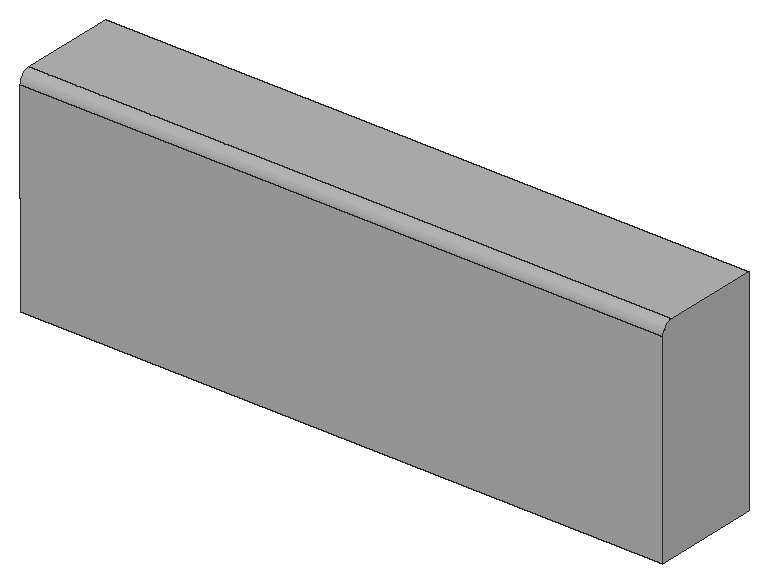
Revit family "K148 12x6 Kerb", category Generic Models, Revit 2020
Family settings
  Can host rebar = No
  Round Connector Dimension = Use Diameter
  Part Type = Normal
  Work Plane-Based = No
  Always vertical = Yes
  Cut with Voids When Loaded = No
  Shared = No
  Room Calculation Point = No
Parameters
  Weight = "102Kg."
  Warranty Guarantor Parts = "n/a"
  Warranty Guarantor Labour = "n/a"
  Warranty Duration Unit = "n/a"
  Warranty Duration Parts = "n/a"
  Warranty Duration Labour = "n/a"
  Warranty Description = "n/a"
  Unit Width [instance] = 152 mm
  Unit Length [instance] = 914 mm
  Unit Height [instance] = 305 mm
  URL = "www.killeshal.com"
  Types = "Single"
  Type Comments = "Visit our website for a full list of available products."
  Sustainability Performance = "n/a"
  Structural Class = "n/a"
  Span = "Length."
  Slope = "0.00°"
  Size = "152 Wide x 305 High x 914mm Long."
  Shape = "As per drawing"
  Service Life = "0.000000"
  Serial Number = "n/a"
  Resistance to Fire = "n/a"
  Replacement Cost = "n/a"
  Reference = "n/a"
  Notified Body = "n/a"
  Nominal Cover to Main Bar = "n/a"
  Model = "K/148 Kerb."
  Mechanical Resistance = "n/a"
  Manufacturer = "Killeshal Precast Concrete Ltd."
  Load Bearing = no
  Life Cycle Environmental Load = "n/a"
  Length Options = "914mm."
  Keynote = "The information contained is the sole property of KPC Ltd., any reproduction in part or whole without permission of KPC Ltd. is prohibited."
  Environmental Product Declaration = "n/a"
  Environmental Class = "n/a"
  Durability against Corrosion = "n/a"
  Dimension Accuracy Class = "I.S. EN 1340:2003"
  Detailing = "As per design specification and product drawings."
  Description = "12\" x 6\" Kerb."
  Default Elevation = 0 mm
  Dangerous Substances = "n/a"
  Contact Tel = "0035357 9353018"
  Contact Email = "sales@killeshal.com"
  Construction Type = "Precast"
  Construction Tolerance Class = "I.S. EN 1340:2003"
  Compressive Strength of Concrete = "n/a"
  Characteristics of Reinforcing Steel = "n/a"
  Characteristics Deflection Under Load = "n/a"
Reference planes
  plane 1 "Center (Front/Back)": y = 0
  plane 2: z = 0
  plane 3 "Center (Left/Right)": x = 0
  plane 4 "Rear": y = 76
  plane 5 "Front": y = -76
  plane 6 "Top": z = 305
  plane 7 "Center L/Z": y = -58
  plane 8 "Center L/AA": z = 289
Forms (mm)
  Extrusion 1, solid, material "Precast Concrete (KPC)"
    sketch origin (0, 0, 0) x (0, 1, 0) y (0, 0, 1)
      loop
        line (76, 0) -> (76, 305) -> (-60, 305)
        arc (-60, 305) -> (-71.314, 300.314) -> (-76, 289) r 16
        line (-76, 289) -> (-76, 0) -> (76, 0)
    from 0 to 914
Dimensions and locks
  "Unit Length": Extrusion 1 to Extrusion 1
  "Unit Width": Extrusion 1 to Extrusion 1
  "Unit Height": Extrusion 1 to Extrusion 1
  plane 4 "Rear" to plane 7 "Center L/Z" = 134 mm
  plane 8 "Center L/AA" to level = 289 mm
  aligned and locked: level to plane 2
Automatic sketch dimensions
  Extrusion 1 sketch curve to level = 0 mm
  Extrusion 1 sketch curve to plane 5 "Front" = 0 mm
  Extrusion 1 sketch curve to plane 6 "Top" = 0 mm
  Extrusion 1 sketch curve to plane 8 "Center L/AA" = 0 mm
  Extrusion 1 sketch curve to plane 4 "Rear" = 0 mm
